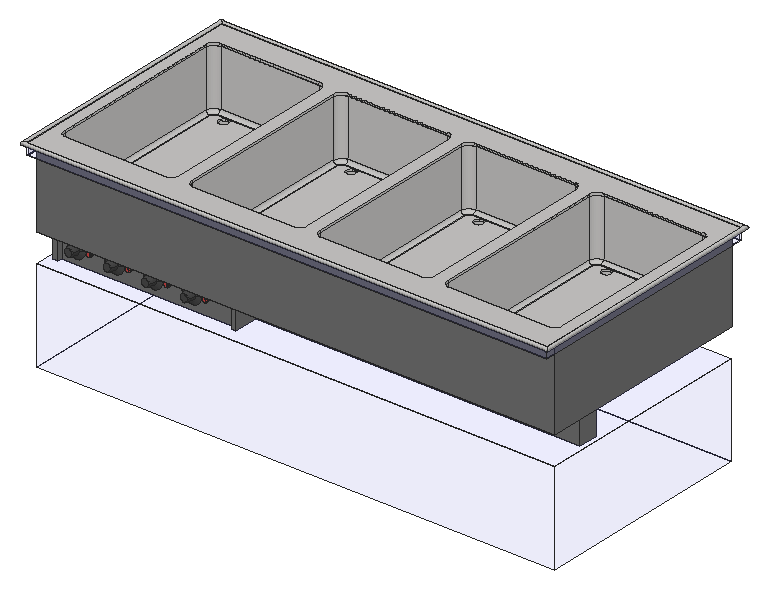
Revit family "QF_Vollrath_3640650_cat", category Specialty Equipment, Revit 2016 (continued)
Automatic sketch dimensions
  radius of Extrusion 45 sketch curve = 0' - 0 3/16"
Nested families (in)
  nested 1: "QF_Vollrath_DI_HotWellsAF_U2" at (-16.239587, -5.21875, 0), visible <- "Auto Fill", Watts <- "AF Watts", Volts <- "AF Volts", Phase <- "AF Phase", Number of Poles <- "AF Number of Poles", FL Amps <- "AF FL Amps", Electrical Remarks <- "AF Electrical Remarks", Electric Connection Type <- "AF Electric Connection Type", Elec Conn RI Height <- "AF Elec Conn RI Height", Elec Conn Connection Height <- "AF Elec Conn Connection Height", Cycle <- "AF Cycle", Conn Plug <- "AF Conn Plug", Apparent Power <- "AF Apparent Power", Waste Water Discharge Temperature <- "AF Waste Water Discharge Temperature", Plumbing Remarks <- "AF Plumbing Remarks", Plumbing Connection Type <- "AF Plumbing Connection Type", Indirect Waste Size <- "AF Indirect Waste Size", Indirect Waste Flow <- "AF Indirect Waste Flow", Indirect Waste Connection Type <- "AF Indirect Waste Connection Type", Indirect Waste Connection Height <- "AF Indirect Waste Connection Height", Cold Water Temperature Recommended <- "AF Cold Water Temperature Recommended", Cold Water Size <- "AF Cold Water Size", Cold Water RI Height <- "AF Cold Water RI Height", Cold Water Minimum Pressure <- "AF Cold Water Minimum Pressure", Cold Water Maximum Pressure <- "AF Cold Water Maximum Pressure", Cold Water Flow <- "AF Cold Water Flow", Cold Water Consumption <- "AF Cold Water Consumption", Cold Water Connection Height <- "AF Cold Water Connection Height", Item Number <- "AF Item Number", type "Nested"
    with Watts 16 W, Waste Water Discharge Temperature -459.67 °F, Volts 120 V, Plumbing Remarks "", Plumbing Connection Type "", Phase 1, Number of Poles 1, Item Number "-", Indirect Waste Size 3/8", Indirect Waste Flow 0.00 GPM, Indirect Waste Connection Type "", Indirect Waste Connection Height 2' - 10 1/2", FL Amps 0.2 A, Electrical Remarks "", Electric Connection Type "", Elec Conn RI Height 0' - 0", Elec Conn Connection Height 2' - 7", Cycle 60 Hz, Conn Plug "NEMA 5-15R", Cold Water Temperature Recommended -459.67 °F, Cold Water Size 3/8", Cold Water RI Height 0' - 0", Cold Water Minimum Pressure 0.00 psi, Cold Water Maximum Pressure 0.00 psi, Cold Water Flow 0.00 GPM, Cold Water Consumption "", Cold Water Connection Height 2' - 5", Apparent Power 24 VA
Connectors (in)
  piping at (32.760413, -9.25, 24.25), diameter 1, driven by "Indirect Waste Flow"
    settings: on Revolve 12, index 2, connector inside diameter 1", connector length 0' - 0", flow factor 0, pipe flow 0.00 GPM, pressure drop 0.00 psi, fitting loss kfactor 0, connector angle 0.00°, fixture units 0, engagement length 0' - 0", angle of deflection 0.00°, flow configuration 1, flow direction 2, fitting loss method 0, system type 16, joint type 0, gender type 0, connector reference index -1, connector utility 0, adjustable connector no, is connector primary yes, connector description "Indirect Waste"
  electrical at (11.854163, -18.5, 26), driven by "Number of Poles", driven by "Volts", driven by "Apparent Power"
    settings: on Extrusion 8, index 3, voltage 0 V, apparent load 0 VA, apparent load phase1 0 VA, apparent load phase2 0 VA, apparent load phase3 0 VA, power factor 1, load classification "Other", number of poles 1, system type 30, power factor state 1, is connector primary yes, connector utility no, sub classification motor no, connector description "Electric"
  piping at (-16.958337, -24.3125, 34.5), diameter 0.375, driven by "AF Indirect Waste Flow"
    settings: on Extrusion 45, index 4, connector inside diameter 3/8", connector length 0' - 0", flow factor 0, pipe flow 0.00 GPM, pressure drop 0.00 psi, fitting loss kfactor 0, connector angle 0.00°, fixture units 0, engagement length 0' - 0", angle of deflection 0.00°, flow configuration 1, flow direction 2, fitting loss method 0, system type 16, joint type 0, gender type 0, connector reference index -1, connector utility 0, adjustable connector no, is connector primary no, connector description "Auto Fill Overflow"
  piping at (-16.239587, -5.15625, 28.9375), diameter 0.375, driven by "AF Cold Water Flow"
    settings: on Extrusion 46, index 5, connector inside diameter 3/8", connector length 0' - 0", flow factor 0, pipe flow 0.00 GPM, pressure drop 0.00 psi, fitting loss kfactor 0, connector angle 0.00°, fixture units 0, engagement length 0' - 0", angle of deflection 0.00°, flow configuration 1, flow direction 1, fitting loss method 0, system type 20, joint type 0, gender type 0, connector reference index -1, connector utility 0, adjustable connector no, is connector primary no, connector description "Auto Fill Cold Water"
  electrical at (-16.239587, -5.15625, 30.96875), driven by "AF Number of Poles", driven by "AF Volts", driven by "AF Apparent Power"
    settings: on Extrusion 46, index 6, voltage 120 V, apparent load 24 VA, apparent load phase1 0 VA, apparent load phase2 0 VA, apparent load phase3 0 VA, power factor 1, load classification "Other", number of poles 1, system type 30, power factor state 1, is connector primary no, connector utility no, sub classification motor no, connector description "Auto Fill Electric"
Definition of nested family "QF_Vollrath_DI_HotWellsAF_U2"
  Parameters
    Watts [instance] = 0 W
    Watermarked By = "http://revitwatermark.com"
    Waste Water Discharge Temperature [instance] = -459.67 °F
    Volts [instance] = 0 V
    Type Comments = "⍁⍉⌁⌀⏭⎽⌇⍠⌜⍉⎖⌥⌦⌯⍭⏊⍻⍿⍊⏵⍊⏗⏠⍴⎡⌈⎀⍠⌓⌤⏘⎐⍀⌐⏬⏁⎈⏍⏦⎒⏬⌝⍩⍇⌣〈⎫〉⎁⏊⍥⍖⍥⍝⍦⌖⍀⏌⏭⎝⎼⏷⏞⍻⏯⎽⏷⏞⍻⏯⎽⏷⎺⌻⎝⍎⌧⏷⏟⏿⌿⍜⍦⍤⌁⍬⏶⏎⍊⏚⏉⎞⌡⎀⎪⏈⌟⌿⍾⍼⌟⌿⌢⏶⏯⏮⌽⎸⎻⎷⎳⎻⎗⏮⌽⎺⍷⏯⏑⏽⌇⏩⏋⌯⍾⏬⏙⏩⏫⍴⌻⏽⏉⎪⌬⏫⎬⎝⏿⏘⎏⎝⏧⏍⏁⍏⍧⏯⏾⌟"
    Plumbing Remarks [instance] = ""
    Plumbing Connection Type [instance] = ""
    Phase [instance] = 1
    Number of Poles [instance] = 1
    Item Number [instance] = "-"
    Indirect Waste Size [instance] = 0"
    Indirect Waste Flow [instance] = 0.00 GPM
    Indirect Waste Connection Type [instance] = ""
    Indirect Waste Connection Height [instance] = 0' - 0"
    FL Amps [instance] = 0 A
    Electrical Remarks [instance] = ""
    Electric Connection Type [instance] = ""
    Elec Conn RI Height [instance] = 0' - 0"
    Elec Conn Connection Height [instance] = 0' - 0"
    Description = "Auto Fill"
    Cycle [instance] = 0 Hz
    Conn Plug [instance] = ""
    Cold Water Temperature Recommended [instance] = -459.67 °F
    Cold Water Size [instance] = 0"
    Cold Water RI Height [instance] = 0' - 0"
    Cold Water Minimum Pressure [instance] = 0.00 psi
    Cold Water Maximum Pressure [instance] = 0.00 psi
    Cold Water Flow [instance] = 0.00 GPM
    Cold Water Consumption [instance] = ""
    Cold Water Connection Height [instance] = 0' - 0"
    Assembly Code = ""
    Apparent Power [instance] = 0 VA
  Reference planes (in)
    plane 1 "Center (Back)": y = 0
    plane 2: z = 0
    plane 3 "Center (Left)": x = 0
  Lines and regions (in)
    symbolic lines
      curve 1: circle (0, 0, 0) r 0.125 normal (0, 0, 1)
  Dimensions and locks (in)
    aligned and locked: level to plane 2
